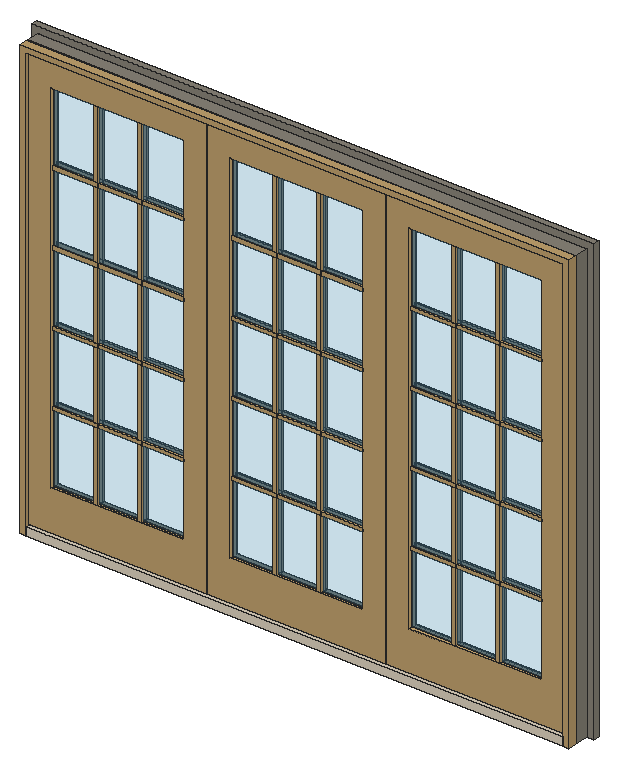
Revit family (continued)
Definition of nested family "Door_Section_Detail"
  Definition of nested family "Flat_Casing_Detail"
    Lines and regions (in)
      detail lines, style "Cut Lines", in view "Ref. Level"
        curve 1: line (-1.09375, 3, 0) -> (0, 3, 0)
        curve 2: line (0, 0, 0) -> (-1.09375, 0, 0)
        curve 3: line (-1.09375, 0, 0) -> (-1.09375, 3, 0)
        curve 4: line (0, 0, 0) -> (0, 3, 0)
Definition of nested family "Label Annotation 1-16 w5"
  Parameters
    Label = ""
    Egress Info = "EGRESS WDW"
    Description = "3664 FIXED"
  Reference planes (in)
    plane 1: y = 0
    plane 2: x = 0
  Text (in)
    label "Description" at (0.00375, -0.00345, 0), shows "Description"
Definition of nested family "Door_Plan_Detail"
  Parameters (values of type "Door_Plan_Detail")
    XXO_OXX = no
    XOO_OOX = no
    Width = 8' - 11 13/16"
    Swing Reverse LH_RH = no
    Swing LH_RH = yes
    Swing Angle = 90.00°
    Panel Width = (Width - 0' 2 5/8") / 3  # 2' - 11 1/16"
    P2_RH Swing = if(or(XXO_OXX, (and(OXO, Swing Reverse LH_RH))), Swing Angle, 0.00°)  # 0.00°
    P2_RH Astragal = or(and(XXO_OXX, Swing LH_RH), and(XOO_OOX, P2_RH Swing = 0.00°))  # no
    P2_RH = not(and(OXO, Swing LH_RH))  # no
    P2_LH Swing = if(and(OXO, Swing LH_RH), Swing Angle, 0.00°)  # 90.00°
    P2_LH Astragal = no
    P2_LH = and(OXO, Swing LH_RH)  # yes
    P1_RH Swing = if(and(XOO_OOX, Swing Reverse LH_RH), Swing Angle, 0.00°)  # 0.00°
    P1_RH Astragal = no
    P1_RH = and(Swing Reverse LH_RH, XOO_OOX)  # no
    P1_LH Swing = if(or(XXO_OXX, (and(XOO_OOX, Swing LH_RH))), Swing Angle, 0.00°)  # 0.00°
    P1_LH Astragal = or(OOO, or(and(XXO_OXX, Swing Reverse LH_RH), OXO))  # yes
    P1_LH = not(and(XOO_OOX, Swing Reverse LH_RH))  # yes
    OXO = yes
    OOO = no
    Flat Casing = no
    Flange Visibility = not(Casing Visibility)  # no
    Casing Visibility = yes
    BMC = yes
    Assembly Code = ""
  Reference planes (in)
    plane 1 "Center (Front/Back)": y = -3.9375
    plane 2: z = 0
    plane 3: x = 22.0625
    plane 4: y = 0.09375
    plane 5: x = -14.3125
    plane 6: x = -49.375
    plane 7: x = -85.75
    plane 8: x = -84.5625
    plane 9: x = 20.875
    plane 10: x = -49.5
    plane 11: x = -14.1875
    plane 12: x = -31.84375
  Lines and regions (in)
    Masking region 1, in view "Ref. Level", detail levels coarse+medium
      outline origin (0, 0, 0) x (1, 0, 0) y (0, 1, 0)
        loop
          line (20.875, 0.625) -> (20.875, -5.03125) -> (22.0625, -5.03125) -> (22.0625, 0.625) -> (20.875, 0.625)
    Masking region 2, in view "Ref. Level", detail levels coarse+medium
      outline origin (-108.375, 0, 0) x (0, 1, 0) y (-1, 0, 0)
        loop
          line (0.625, -23.8125) -> (0.625, -22.625) -> (-5.03125, -22.625) -> (-5.03125, -23.8125) -> (0.625, -23.8125)
  Dimensions and locks (in)
    locked: plane 1 "Center (Front/Back)" to plane 4 at 4.03125
    "Width": plane 7 to plane 3
    locked: Masking region 2 sketch curve to plane 4 at 0.53125
    locked: Masking region 2 sketch curve to plane 1 "Center (Front/Back)" at 1.09375
    locked: plane 7 to plane 8 at 1.1875
    locked: plane 9 to plane 3 at 1.1875
    "Panel Width": plane 8 to plane 10
    locked: plane 10 to plane 6 at 0.125
    locked: plane 5 to plane 11 at 0.125
    "Panel Width": plane 11 to plane 9
    equal spacing: plane 7, plane 12, plane 3
    aligned and locked: plane 1 "Center (Front/Back)" to nested 1
    aligned and locked: nested 2 to plane 1 "Center (Front/Back)"
    aligned and locked: nested 1 to plane 7
    aligned and locked: nested 2 to plane 3
    aligned and locked: nested 4 to plane 1 "Center (Front/Back)"
    aligned and locked: plane 1 "Center (Front/Back)" to nested 3
    aligned and locked: plane 7 to nested 4
    aligned and locked: plane 3 to nested 3
    aligned and locked: plane 7 to nested 6
    aligned and locked: nested 6 to plane 1 "Center (Front/Back)"
    aligned and locked: plane 3 to nested 5
    aligned and locked: plane 1 "Center (Front/Back)" to nested 5
    aligned and locked: Masking region 1 sketch curve to plane 3
    aligned and locked: Masking region 2 sketch curve to plane 7
    aligned and locked: Masking region 2 to Masking region 1 sketch curve
    aligned and locked: Masking region 1 sketch curve to Masking region 2
    aligned and locked: plane 8 to Masking region 2 sketch curve
    aligned and locked: plane 9 to Masking region 1 sketch curve
    aligned and locked: plane 5 to nested 7
    aligned and locked: plane 4 to nested 8
    aligned and locked: plane 4 to nested 7
    aligned and locked: nested 8 to plane 9
    aligned and locked: nested 9 to plane 8
    aligned and locked: nested 10 to plane 6
    aligned and locked: nested 10 to plane 4
    aligned and locked: plane 4 to nested 11
    aligned and locked: nested 11 to plane 10
    aligned and locked: nested 9 to plane 4
  Automatic sketch dimensions
    Masking region 2 sketch curve to plane 7 = 0' - 0"
  Nested families (in)
    nested 1: "Jamb_Detail" at (-85.75, -3.9375, 0), type "Jamb_Detail", in view "Ref. Level", detail levels fine
    nested 2: "Jamb_Detail" at (22.0625, -3.9375, 0) x (-1, 0, 0) z (0, 0, 1), type "Jamb_Detail", in view "Ref. Level", detail levels fine
    nested 3: "Flat_Casing_Detail" at (22.0625, -3.9375, 0) x (0, 1, 0) z (0, 0, 1), visible <- "Flat Casing", type "Flat_Casing_Detail", in view "Ref. Level", detail levels fine
    nested 4: "Flat_Casing_Detail" at (-85.75, -3.9375, 0) x (0, 1, 0) z (0, 0, 1), visible <- "Flat Casing", type "Flat_Casing_Detail", in view "Ref. Level", detail levels fine
    nested 5: "BMC_Detail" at (22.0625, -3.9375, 0) x (0, 1, 0) z (0, 0, 1), visible <- "BMC", type "BMC_Detail", in view "Ref. Level", detail levels fine
    nested 6: "BMC_Detail" at (-85.75, -3.9375, 0) x (0, 1, 0) z (0, 0, 1), visible <- "BMC", type "BMC_Detail", in view "Ref. Level", detail levels fine
    nested 7: "Panel_Swing_Detail" at (4.8125, 0, 0), Swing Angle <- "P2_RH Swing", visible <- "P2_RH", Mtg Stile <- "P2_RH Astragal", type "Door_Plan_Detail", in view "Ref. Level"
      with Swing Visibility no, Swing Constraint 3.00°, Swing Angle 0.00°, Mtg Stile no
    nested 8: "Panel_Swing_Detail" at (40, 0, 0), type "Door_Plan_Detail", in view "Ref. Level"
      with Swing Visibility no, Swing Constraint 3.00°, Swing Angle 0.00°, Mtg Stile yes
    nested 9: "Panel_Swing_Detail" at (-103.6875, 0, 0) x (-1, 0, 0) z (0, 0, 1), visible <- "P1_LH", Swing Angle <- "P1_LH Swing", Mtg Stile <- "P1_LH Astragal", type "Door_Plan_Detail", in view "Ref. Level"
      with Swing Visibility no, Swing Constraint 3.00°, Swing Angle 0.00°, Mtg Stile yes
    nested 10: "Panel_Swing_Detail" at (-68.5, 0, 0) x (-1, 0, 0) z (0, 0, 1), visible <- "P2_LH", Swing Angle <- "P2_LH Swing", Mtg Stile <- "P2_LH Astragal", type "Door_Plan_Detail", in view "Ref. Level"
      with Swing Visibility yes, Swing Constraint 90.00°, Swing Angle 90.00°, Mtg Stile no
    nested 11: "Panel_Swing_Detail" at (-30.375, 0, 0), Swing Angle <- "P1_RH Swing", visible <- "P1_RH", Mtg Stile <- "P1_RH Astragal", type "Door_Plan_Detail", in view "Ref. Level"
      with Swing Visibility no, Swing Constraint 3.00°, Swing Angle 0.00°, Mtg Stile no
  Definition of nested family "Jamb_Detail"
    Parameters (values of type "Jamb_Detail")
      Flange Visibility = no
      Assembly Code = ""
    Reference planes (in)
      plane 1 "Center (Front/Back)": y = 0
      plane 2: z = 0
      plane 3 "Center (Left/Right)": x = 0
    Lines and regions (in)
      Masking region 1, in view "Ref. Level"
        outline origin (0, 0, 0) x (1, 0, 0) y (0, 1, 0)
          loop
            line (0, 1.09375) -> (0, -4.5625) -> (1.06374, -4.5625) -> (1.06374, -2.18631) -> (1.77792, -2.18631)
            arc (1.77792, -2.18631) -> (1.63018, -0.9546) -> (1.51551, 0.28062) r 46.27589
            line (1.51551, 0.28062) -> (0.93767, 0.28062) -> (0.93767, 0.3871) -> (0.67848, 0.3871) -> (0.67848, 1.09375) -> (0, 1.09375)
      detail lines, style "Cut Lines", in view "Ref. Level", visible <- "Flange Visibility"
        curve 1: line (0, 0.045, 0) -> (-1.49897, 0.045, 0)
        curve 2: line (-0.155, 0, 0) -> (-1.49897, 0, 0)
        curve 3: line (-0.155, 0, 0) -> (-0.155, -0.11, 0)
        curve 4: line (0, -0.11, 0) -> (-0.155, -0.11, 0)
        curve 5: line (-1.49897, 0, 0) -> (-1.49897, 0.045, 0)
  Definition of nested family "Flat_Casing_Detail"
    Parameters (values of type "Flat_Casing_Detail")
      Assembly Code = ""
    Reference planes (in)
      plane 1 "Center (Front/Back)": y = 0
      plane 2: z = 0
      plane 3 "Center (Left/Right)": x = 0
    Lines and regions (in)
      detail lines, style "Cut Lines", in view "Ref. Level"
        curve 1: line (-1.09375, 3, 0) -> (0, 3, 0)
        curve 2: line (0, 0, 0) -> (-1.09375, 0, 0)
        curve 3: line (-1.09375, 0, 0) -> (-1.09375, 3, 0)
        curve 4: line (0, 0, 0) -> (0, 3, 0)
  Definition of nested family "BMC_Detail"
    Parameters (values of type "BMC_Detail")
      Assembly Code = ""
    Reference planes (in)
      plane 1 "Center (Front/Back)": y = 0
      plane 2: z = 0
      plane 3 "Center (Left/Right)": x = 0
    Lines and regions (in)
      detail lines, style "Cut Lines", in view "Ref. Level"
        curve 1: line (-1.25, 0.71589, 0) -> (-1.25, 1.3125, 0)
        curve 2: line (-1.25, 1.3125, 0) -> (0, 1.3125, 0)
        curve 3: line (0, 0, 0) -> (-1.09375, 0, 0)
        curve 4: line (-1.09375, 0, 0) -> (-1.09375, 0.38081, 0)
        curve 5: line (-1.09375, 0.38081, 0) -> (-1.25, 0.71589, 0)
        curve 6: line (0, 0, 0) -> (0, 1.3125, 0)
  Definition of nested family "Panel_Swing_Detail"
    Parameters (values of type "Door_Plan_Detail")
      Swing Visibility [instance] = not(Swing Angle < 3.00°)  # yes
      Swing Constraint [instance] = if(Swing Angle < 3.00°, 3.00°, Swing Angle)  # 90.00°
      Swing Angle [instance] = 90.00°
      Panel Width = 2' - 11 1/16"
      Mtg Stile [instance] = yes
      Assembly Code = ""
    Reference planes (in)
      plane 1: z = 0
      plane 2: y = 0.09375
      plane 3: x = -19.125
      plane 4: x = -54.1875
    Lines and regions (in)
      reference lines, in view "Ref. Level"
        curve 1: line (-19.125, 0.09375, 0) -> (-19.125, 35.15625, 0)
      detail lines, style "InvisibleLines", in view "Ref. Level", not visible, detail levels coarse
        curve 2: line (-19.125, 0.09375, 0) -> (-19.125, 35.15625, 0)
      detail lines, in view "Ref. Level", visible <- "Swing Visibility"
        curve 3: arc (-54.1875, 0.09375, 0) -> (-43.91793, 24.88668, 0) -> (-19.125, 35.15625, 0) r 35.0625
    Dimensions and locks (in)
      "Panel Width": curve 1 to curve 1
      "Panel Width": plane 4 to plane 3
      "Panel Width": curve 1 to curve 2
      "Swing Angle": angle nested 1 to plane 2
      "Swing Constraint": angle curve 1 to plane 2
      aligned and locked: plane 2 to curve 1
      aligned and locked: plane 3 to curve 1
      aligned and locked: curve 2 to curve 1  (x2)
      aligned and locked: plane 2 to curve 3
    Automatic sketch dimensions
      curve 3 to plane 4 = 0' - 0"
      curve 2 to plane 2 = 0' - 0"
    Nested families (in)
      nested 1: "Panel_Detail" at (-19.125, 0.09375, 0) x (0, -1, 0) z (0, 0, 1), Mtg Stile <- "Mtg Stile", type "Panel_Detail", in view "Ref. Level"
    Definition of nested family "Panel_Detail"
      Parameters (values of type "Panel_Detail")
        Panel Width = 2' - 11 1/16"
        Mtg Stile [instance] = yes
        Assembly Code = ""
      Reference planes (in)
        plane 1 "Center (Front/Back)": y = 0
        plane 2: z = 0
        plane 3 "Right": x = 0
        plane 4 "Left": x = -35.0625
      Lines and regions (in)
        Masking region 1, in view "Ref. Level", detail levels coarse+medium
          outline origin (0, 0, 0) x (1, 0, 0) y (0, 1, 0)
            loop
              line (-35.0625, 0) -> (-35.0625, -1.75) -> (0, -1.75) -> (0, 0) -> (-35.0625, 0)
        detail lines, style "Cut Lines", in view "Ref. Level", detail levels fine
          curve 1: line (-30.97475, -1.26859, 0) -> (-4.08775, -1.26859, 0)
          curve 2: line (-30.97475, -1.14359, 0) -> (-4.08775, -1.14359, 0)
          curve 3: line (-30.97475, -0.64359, 0) -> (-4.08775, -0.64359, 0)
          curve 4: line (-30.97475, -0.51859, 0) -> (-4.08775, -0.51859, 0)
      Dimensions and locks (in)
        "Panel Width": plane 4 "Left" to plane 3 "Right"
        locked: Masking region 1 sketch curve to plane 1 "Center (Front/Back)" at 1.75
        locked: nested 1 to plane 1 "Center (Front/Back)" at 1.75
        locked: nested 3 to plane 1 "Center (Front/Back)" at 1.75
        locked: nested 2 to plane 1 "Center (Front/Back)" at 1.75
        aligned and locked: plane 1 "Center (Front/Back)" to Masking region 1 sketch curve
        aligned and locked: Masking region 1 sketch curve to plane 4 "Left"
        aligned and locked: Masking region 1 sketch curve to plane 3 "Right"
        aligned and locked: plane 4 "Left" to nested 1
        aligned and locked: nested 2 to plane 3 "Right"
        aligned and locked: plane 4 "Left" to nested 3
      Automatic sketch dimensions
        plane 1 "Center (Front/Back)" to curve 4 = 0' - 0.51859"
        curve 4 to plane 4 "Left" = 0' - 4.08775"
        curve 2 to curve 4 = 0' - 0"
        curve 3 to curve 4 = 0' - 0"
        curve 1 to curve 2 = 0' - 0"  (x2)
        plane 1 "Center (Front/Back)" to curve 3 = 0' - 0.64359"
        curve 3 to plane 3 "Right" = 0' - 4.08775"
        curve 2 to curve 3 = 0' - 0"
        curve 4 to curve 3 = 0' - 0"
        curve 2 to curve 3 = 0' - 0 1/2"
        curve 1 to curve 2 = 0' - 0 1/8"
      Nested families (in)
        nested 1: "Mtg_Stile_Detail" at (-35.0625, -1.75, 0), visible <- "Mtg Stile", type "Stile_Detail", in view "Ref. Level", detail levels fine
        nested 2: "Stile_Detail" at (0, -1.75, 0), type "Stile_Detail", in view "Ref. Level", detail levels fine
        nested 3: "Stile_Detail" at (-35.0625, -1.75, 0) x (-1, 0, 0) z (0, 0, 1), type "Stile_Detail", in view "Ref. Level", detail levels fine
      Definition of nested family "Mtg_Stile_Detail"
        Parameters (values of type "Stile_Detail")
          Assembly Code = ""
        Reference planes (in)
          plane 1 "Center (Front/Back)": y = 0
          plane 2: z = 0
          plane 3 "Center (Left/Right)": x = 0
        Lines and regions (in)
          Masking region 1, in view "Ref. Level"
            outline origin (0, 0, 0) x (0, 1, 0) y (-1, 0, 0)
              loop
                line (0, 0.71385) -> (0, -1.07915) -> (0.9773, -0.97643) -> (1.15549, -0.73983) -> (1.594, -0.62233) -> (1.594, 0.25704) -> (1.13979, 0.37874) -> (0.9637, 0.61256) -> (0, 0.71385)
      Definition of nested family "Stile_Detail"
        Parameters (values of type "Stile_Detail")
          Assembly Code = ""
        Reference planes (in)
          plane 1 "Center (Front/Back)": y = 0
          plane 2: z = 0
          plane 3 "Center (Left/Right)": x = 0
        Lines and regions (in)
          Masking region 1, in view "Ref. Level"
            outline origin (0, 0, 0) x (1, 0, 0) y (0, 1, 0)
              loop
                line (0, -1.75) -> (0, 0) -> (-4.54196, 0) -> (-4.54196, -0.17227) -> (-4.75, -0.38031) -> (-4.75, -0.4375) -> (-4.02516, -0.4375) -> (-4.02516, -1.26261) -> (-4.75, -1.26261) -> (-4.75, -1.40858) -> (-4.55291, -1.75) -> (0, -1.75)
          detail lines, style "Cut Lines", in view "Ref. Level"
            curve 1: line (-4.08775, -0.48141, 0) -> (-4.08775, -0.60641, 0)
            curve 2: line (-4.21275, -1.10641, 0) -> (-4.21275, -0.60641, 0)
            curve 3: line (-4.46275, -1.10641, 0) -> (-4.46275, -0.60641, 0)
            curve 4: line (-4.08775, -1.10641, 0) -> (-4.08775, -1.23141, 0)
